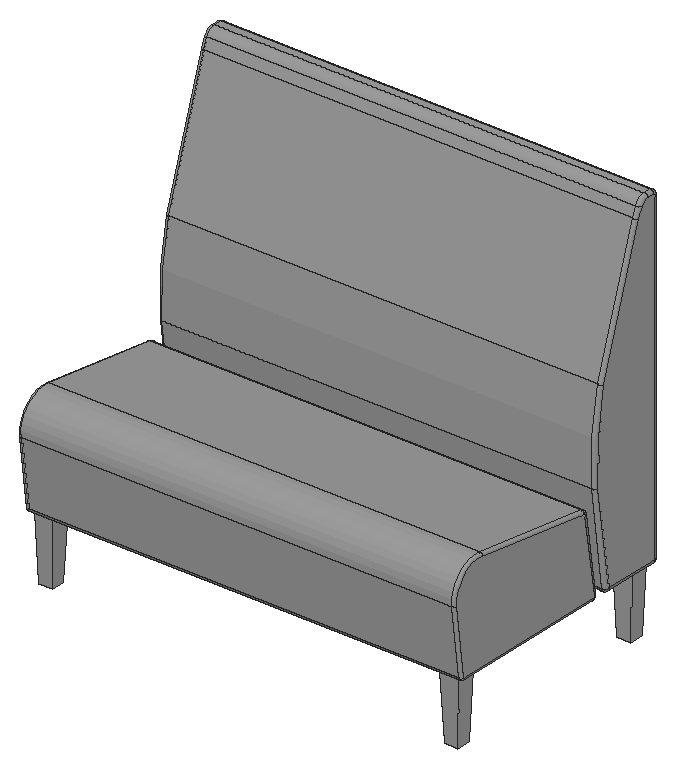
Revit family "Rise Booth_RS-4844", category Furniture, Revit 2023
Family settings
  OmniClass Number = 23.40.20.00
  OmniClass Title = General Furniture and Specialties
  Work Plane-Based = No
  Enable Cutting in Views = No
  Always vertical = Yes
  Cut with Voids When Loaded = No
  Render Appearance Source = Family Geometry
  Shared = No
  Room Calculation Point = No
Parameters
  width = 48"
  length = 28"
  height = 44"
  Wooden Legs = WOOD
  Seat Fabrics = FABRICS TYPE 2
  Metal Black = METAL
  Default Elevation = 0"
  Back fabrics = FABRICS TYPE 1
Reference planes (in)
  plane 1 "Center Front/Back": y = 4
  plane 2: z = 0
  plane 3 "Center Left/Right": x = 0
  plane 4: x = -24
  plane 5: x = 24
  plane 6: y = 14
  plane 7: y = -14
  plane 8: y = 4
  plane 9: z = 7.125
  plane 10: z = 18
  plane 11: z = 44
Forms (in)
  Extrusion 1, solid, material "FABRICS TYPE 1" <- "Back fabrics"
    sketch origin (0, 0, 0) x (0, 1, 0) y (0, 0, 1)
      loop
        arc (14, 43.407) -> (13.82631, 43.82631) -> (13.407, 44) r 0.593
        line (13.407, 44) -> (12.64383, 44)
        arc (12.64383, 44) -> (11.96225, 43.79783) -> (11.50114, 43.25671) r 1.25
        line (11.50114, 43.25671) -> (11.04467, 42.22731)
        arc (11.04467, 42.22731) -> (8.31507, 35.18876) -> (6.26443, 27.9233) r 79.61276
        arc (6.26443, 27.9233) -> (5.48148, 22.99217) -> (5.39626, 18) r 35.59298
        arc (5.39626, 18) -> (5.89804, 12.71101) -> (6.83621, 7.48175) r 64.08241
        arc (6.83621, 7.48175) -> (6.99596, 7.2252) -> (7.28109, 7.125) r 0.45576
        line (7.28109, 7.125) -> (13.5, 7.125)
        arc (13.5, 7.125) -> (13.85355, 7.27145) -> (14, 7.625) r 0.5
        line (14, 7.625) -> (14, 43.407)
    from -24 to 24
  Extrusion 2, solid, material "FABRICS TYPE 2" <- "Seat Fabrics"
    sketch origin (0, 0, 0) x (0, 1, 0) y (0, 0, 1)
      loop
        line (-12.56138, 7.125) -> (5.07115, 7.125)
        arc (5.07115, 7.125) -> (5.51314, 7.33712) -> (5.62418, 7.81463) r 0.56656
        arc (5.62418, 7.81463) -> (4.82944, 11.97739) -> (4.28857, 16.18068) r 69.86093
        arc (4.28857, 16.18068) -> (4.15185, 16.47799) -> (3.86054, 16.62707) r 0.5
        line (3.86054, 16.62707) -> (-10.07446, 18.5855)
        arc (-10.07446, 18.5855) -> (-12.88253, 17.65503) -> (-13.84567, 14.85799) r 3.33442
        line (-13.84567, 14.85799) -> (-12.88757, 7.41191)
        arc (-12.88757, 7.41191) -> (-12.77859, 7.20693) -> (-12.56138, 7.125) r 0.32888
    from -24 to 24
  Blend 3, solid, material "WOOD" <- "Wooden Legs"
    base sketch origin (-0.1875, 0.875, 0) x (1, 0, 0) y (0, 1, 0)
      loop
        line (-23.11486, -11.38619) -> (-23.11486, -13.38619) -> (-21.11486, -13.38619) -> (-21.11486, -11.38619) -> (-23.11486, -11.38619)
    top sketch origin (-0.1875, 0.875, 0) x (1, 0, 0) y (0, 1, 0)
      loop
        line (-22.88259, -11.62525) -> (-22.88259, -13.12525) -> (-21.38259, -13.12525) -> (-21.38259, -11.62525) -> (-22.88259, -11.62525)
    from 7.125 to 0
  Blend 4, solid, material "WOOD" <- "Wooden Legs"
    base sketch origin (0.1875, 0.875, 0) x (-1, 0, 0) y (0, -1, 0)
      loop
        line (-23.11486, 11.38619) -> (-21.11486, 11.38619) -> (-21.11486, 13.38619) -> (-23.11486, 13.38619) -> (-23.11486, 11.38619)
    top sketch origin (0.1875, 0.875, 0) x (-1, 0, 0) y (0, -1, 0)
      loop
        line (-22.88259, 11.62525) -> (-21.38259, 11.62525) -> (-21.38259, 13.12525) -> (-22.88259, 13.12525) -> (-22.88259, 11.62525)
    from 7.125 to 0
  Blend 5, solid, material "WOOD" <- "Wooden Legs"
    base sketch origin (-0.1875, -0.125, 0) x (1, 0, 0) y (0, 1, 0)
      loop
        line (-23.11486, 11.38619) -> (-21.11486, 11.38619) -> (-21.11486, 13.38619) -> (-23.11486, 13.38619) -> (-23.11486, 11.38619)
    top sketch origin (-0.1875, -0.125, 0) x (1, 0, 0) y (0, 1, 0)
      loop
        line (-22.88259, 11.62525) -> (-21.38259, 11.62525) -> (-21.38259, 13.12525) -> (-22.88259, 13.12525) -> (-22.88259, 11.62525)
    from 7.125 to 0
  Blend 6, solid, material "WOOD" <- "Wooden Legs"
    base sketch origin (0.1875, -0.125, 0) x (-1, 0, 0) y (0, -1, 0)
      loop
        line (-23.11486, -11.38619) -> (-23.11486, -13.38619) -> (-21.11486, -13.38619) -> (-21.11486, -11.38619) -> (-23.11486, -11.38619)
    top sketch origin (0.1875, -0.125, 0) x (-1, 0, 0) y (0, -1, 0)
      loop
        line (-22.88259, -11.62525) -> (-22.88259, -13.12525) -> (-21.38259, -13.12525) -> (-21.38259, -11.62525) -> (-22.88259, -11.62525)
    from 7.125 to 0
  Sweep 7, void
    path in 3D
      loop
        arc (-24, 14, 7.625) -> (-24, 13.85355, 7.27145) -> (-24, 13.5, 7.125) r 0.5
        line (-24, 13.5, 7.125) -> (-24, 7.28109, 7.125)
        arc (-24, 7.28109, 7.125) -> (-24, 6.99596, 7.2252) -> (-24, 6.83621, 7.48175) r 0.45576
        arc (-24, 6.83621, 7.48175) -> (-24, 5.89804, 12.71101) -> (-24, 5.39626, 18) r 64.08241
        arc (-24, 5.39626, 18) -> (-24, 5.48148, 22.99217) -> (-24, 6.26443, 27.9233) r 35.59298
        arc (-24, 6.26443, 27.9233) -> (-24, 8.31507, 35.18876) -> (-24, 11.04467, 42.22731) r 79.61276
        line (-24, 11.04467, 42.22731) -> (-24, 11.50114, 43.25671)
        arc (-24, 11.50114, 43.25671) -> (-24, 11.96225, 43.79783) -> (-24, 12.64383, 44) r 1.25
        line (-24, 12.64383, 44) -> (-24, 13.407, 44)
        arc (-24, 13.407, 44) -> (-24, 13.82631, 43.82631) -> (-24, 14, 43.407) r 0.593
        line (-24, 14, 43.407) -> (-24, 14, 7.625)
    profile origin (-24, 14, 25.516) x (-1, 0, 0) y (0, -1, 0)
      loop
        line (0, 0) -> (0, 0.40308)
        arc (0, 0.40308) -> (-0.11806, 0.11806) -> (-0.40308, 0) r 0.40308
        line (-0.40308, 0) -> (0, 0)
  Sweep 8, void
    path in 3D
      loop
        arc (24, 14, 43.407) -> (24, 13.82631, 43.82631) -> (24, 13.407, 44) r 0.593
        line (24, 13.407, 44) -> (24, 12.64383, 44)
        arc (24, 12.64383, 44) -> (24, 11.96225, 43.79783) -> (24, 11.50114, 43.25671) r 1.25
        line (24, 11.50114, 43.25671) -> (24, 11.04467, 42.22731)
        arc (24, 11.04467, 42.22731) -> (24, 8.31507, 35.18876) -> (24, 6.26443, 27.9233) r 79.61276
        arc (24, 6.26443, 27.9233) -> (24, 5.48148, 22.99217) -> (24, 5.39626, 18) r 35.59298
        arc (24, 5.39626, 18) -> (24, 5.89804, 12.71101) -> (24, 6.83621, 7.48175) r 64.08241
        arc (24, 6.83621, 7.48175) -> (24, 6.99596, 7.2252) -> (24, 7.28109, 7.125) r 0.45576
        line (24, 7.28109, 7.125) -> (24, 13.5, 7.125)
        arc (24, 13.5, 7.125) -> (24, 13.85355, 7.27145) -> (24, 14, 7.625) r 0.5
        line (24, 14, 7.625) -> (24, 14, 43.407)
    profile origin (24, 14, 25.516) x (0, -1, 0) y (1, 0, 0)
      loop
        line (0, 0) -> (0, -0.40066)
        arc (0, -0.40066) -> (0.11735, -0.11735) -> (0.40066, 0) r 0.40066
        line (0.40066, 0) -> (0, 0)
  Extrusion 9, solid, material "METAL" <- "Metal Black"
    sketch origin (0, 0, 0) x (0, 1, 0) y (0, 0, 1)
      loop
        line (5.61567, 7.85565) -> (6.75791, 7.85565)
        arc (6.75791, 7.85565) -> (6.54317, 8.9065) -> (6.34969, 9.96148) r 53.12608
        line (6.34969, 9.96148) -> (5.16771, 9.96148)
        arc (5.16771, 9.96148) -> (5.37445, 8.9049) -> (5.61567, 7.85565) r 32.88629
    from -21.30236 to 21.30236
  Sweep 10, void
    path in 3D
      loop
        arc (-24, -12.56138, 7.125) -> (-24, -12.77859, 7.20693) -> (-24, -12.88757, 7.41191) r 0.32888
        line (-24, -12.88757, 7.41191) -> (-24, -13.84567, 14.85799)
        arc (-24, -13.84567, 14.85799) -> (-24, -12.88253, 17.65503) -> (-24, -10.07446, 18.5855) r 3.33442
        line (-24, -10.07446, 18.5855) -> (-24, 3.86054, 16.62707)
        arc (-24, 3.86054, 16.62707) -> (-24, 4.15185, 16.47799) -> (-24, 4.28857, 16.18068) r 0.5
        arc (-24, 4.28857, 16.18068) -> (-24, 4.82944, 11.97739) -> (-24, 5.62418, 7.81463) r 69.86093
        arc (-24, 5.62418, 7.81463) -> (-24, 5.51314, 7.33712) -> (-24, 5.07115, 7.125) r 0.56656
        line (-24, 5.07115, 7.125) -> (-24, -12.56138, 7.125)
    profile origin (-24, -3.74511, 7.125) x (-1, 0, 0) y (0, 0, -1)
      loop
        line (0, 0) -> (-0.3049, 0)
        arc (-0.3049, 0) -> (-0.0893, -0.0893) -> (0, -0.3049) r 0.3049
        line (0, -0.3049) -> (0, 0)
  Sweep 11, void
    path in 3D
      loop
        arc (24, 5.07115, 7.125) -> (24, 5.51314, 7.33712) -> (24, 5.62418, 7.81463) r 0.56656
        arc (24, 5.62418, 7.81463) -> (24, 4.82944, 11.97739) -> (24, 4.28857, 16.18068) r 69.86093
        arc (24, 4.28857, 16.18068) -> (24, 4.15185, 16.47799) -> (24, 3.86054, 16.62707) r 0.5
        line (24, 3.86054, 16.62707) -> (24, -10.07446, 18.5855)
        arc (24, -10.07446, 18.5855) -> (24, -12.88253, 17.65503) -> (24, -13.84567, 14.85799) r 3.33442
        line (24, -13.84567, 14.85799) -> (24, -12.88757, 7.41191)
        arc (24, -12.88757, 7.41191) -> (24, -12.77859, 7.20693) -> (24, -12.56138, 7.125) r 0.32888
        line (24, -12.56138, 7.125) -> (24, 5.07115, 7.125)
    profile origin (24, -3.74511, 7.125) x (1, 0, 0) y (0, 0, -1)
      loop
        line (0, 0) -> (-0.30322, 0)
        arc (-0.30322, 0) -> (-0.08881, -0.08881) -> (0, -0.30322) r 0.30322
        line (0, -0.30322) -> (0, 0)
Cuts and joins
  Sweep 7, Sweep 8 cuts Extrusion 1
  Sweep 10, Sweep 11 cuts Extrusion 2
Lines and regions (in)
  sketch lines
    curve 1: line (-24, 14, 43.407) -> (-24, 14, 7.625)
    curve 2: arc (-24, 14, 43.407) -> (-24, 13.82631, 43.82631) -> (-24, 13.407, 44) r 0.593
    curve 3: line (-24, 12.64383, 44) -> (-24, 13.407, 44)
    curve 4: arc (-24, 12.64383, 44) -> (-24, 11.96225, 43.79783) -> (-24, 11.50114, 43.25671) r 1.25
    curve 5: line (-24, 11.04467, 42.22731) -> (-24, 11.50114, 43.25671)
    curve 6: arc (-24, 11.04467, 42.22731) -> (-24, 8.31507, 35.18876) -> (-24, 6.26443, 27.9233) r 79.61276
    curve 7: arc (-24, 6.26443, 27.9233) -> (-24, 5.48148, 22.99217) -> (-24, 5.39626, 18) r 35.59298
    curve 8: arc (-24, 5.39626, 18) -> (-24, 5.89804, 12.71101) -> (-24, 6.83621, 7.48175) r 64.08241
    curve 9: arc (-24, 6.83621, 7.48175) -> (-24, 6.99596, 7.2252) -> (-24, 7.28109, 7.125) r 0.45576
    curve 10: line (-24, 13.5, 7.125) -> (-24, 7.28109, 7.125)
    curve 11: arc (-24, 13.5, 7.125) -> (-24, 13.85355, 7.27145) -> (-24, 14, 7.625) r 0.5
    curve 12: line (24, 14, 7.625) -> (24, 14, 43.407)
    curve 13: arc (24, 13.407, 44) -> (24, 13.82631, 43.82631) -> (24, 14, 43.407) r 0.593
    curve 14: line (24, 13.407, 44) -> (24, 12.64383, 44)
    curve 15: arc (24, 11.50114, 43.25671) -> (24, 11.96225, 43.79783) -> (24, 12.64383, 44) r 1.25
    curve 16: line (24, 11.50114, 43.25671) -> (24, 11.04467, 42.22731)
    curve 17: arc (24, 6.26443, 27.9233) -> (24, 8.31507, 35.18876) -> (24, 11.04467, 42.22731) r 79.61276
    curve 18: arc (24, 5.39626, 18) -> (24, 5.48148, 22.99217) -> (24, 6.26443, 27.9233) r 35.59298
    curve 19: arc (24, 6.83621, 7.48175) -> (24, 5.89804, 12.71101) -> (24, 5.39626, 18) r 64.08241
    curve 20: arc (24, 7.28109, 7.125) -> (24, 6.99596, 7.2252) -> (24, 6.83621, 7.48175) r 0.45576
    curve 21: line (24, 7.28109, 7.125) -> (24, 13.5, 7.125)
    curve 22: arc (24, 14, 7.625) -> (24, 13.85355, 7.27145) -> (24, 13.5, 7.125) r 0.5
    curve 23: line (-24, 5.07115, 7.125) -> (-24, -12.56138, 7.125)
    curve 24: arc (-24, 5.07115, 7.125) -> (-24, 5.51314, 7.33712) -> (-24, 5.62418, 7.81463) r 0.56656
    curve 25: arc (-24, 5.62418, 7.81463) -> (-24, 4.82944, 11.97739) -> (-24, 4.28857, 16.18068) r 69.86093
    curve 26: arc (-24, 4.28857, 16.18068) -> (-24, 4.15185, 16.47799) -> (-24, 3.86054, 16.62707) r 0.5
    curve 27: line (-24, -10.07446, 18.5855) -> (-24, 3.86054, 16.62707)
    curve 28: arc (-24, -10.07446, 18.5855) -> (-24, -12.88253, 17.65503) -> (-24, -13.84567, 14.85799) r 3.33442
    curve 29: line (-24, -12.88757, 7.41191) -> (-24, -13.84567, 14.85799)
    curve 30: arc (-24, -12.88757, 7.41191) -> (-24, -12.77859, 7.20693) -> (-24, -12.56138, 7.125) r 0.32888
    curve 31: line (24, -12.56138, 7.125) -> (24, 5.07115, 7.125)
    curve 32: arc (24, -12.56138, 7.125) -> (24, -12.77859, 7.20693) -> (24, -12.88757, 7.41191) r 0.32888
    curve 33: line (24, -13.84567, 14.85799) -> (24, -12.88757, 7.41191)
    curve 34: arc (24, -13.84567, 14.85799) -> (24, -12.88253, 17.65503) -> (24, -10.07446, 18.5855) r 3.33442
    curve 35: line (24, 3.86054, 16.62707) -> (24, -10.07446, 18.5855)
    curve 36: arc (24, 3.86054, 16.62707) -> (24, 4.15185, 16.47799) -> (24, 4.28857, 16.18068) r 0.5
    curve 37: arc (24, 4.28857, 16.18068) -> (24, 4.82944, 11.97739) -> (24, 5.62418, 7.81463) r 69.86093
    curve 38: arc (24, 5.62418, 7.81463) -> (24, 5.51314, 7.33712) -> (24, 5.07115, 7.125) r 0.56656
Dimensions and locks (in)
  "width": plane 4 to plane 5
  equal spacing: plane 4, plane 3 "Center Left/Right", plane 5
  "length": plane 6 to plane 7
  plane 7 to plane 1 "Center Front/Back" = 18"
  locked: plane 6 to plane 8 at 10
  plane 6 to plane 1 "Center Front/Back" to plane 7 = 10", 18"
  "height": plane 11 to level
  aligned and locked: level to plane 2
  aligned and locked: Extrusion 1 sketch curve to plane 6
  aligned and locked: Extrusion 1 to plane 4
  aligned and locked: plane 5 to Extrusion 1
  aligned and locked: Extrusion 2 sketch curve to plane 9
  aligned and locked: Extrusion 2 to plane 4
  aligned and locked: plane 5 to Extrusion 2
  aligned and locked: Blend 3 to plane 9
  aligned and locked: Blend 3 to level
  aligned and locked: Blend 5 to Extrusion 9
  aligned and locked: Extrusion 9 to Blend 6
Automatic sketch dimensions
  Extrusion 1 sketch curve to plane 10 = 0"  (x2)
  Extrusion 1 sketch curve to plane 9 = 0"
  Extrusion 1 sketch curve to plane 11 = 0"
  Extrusion 1 sketch curve to plane 6 = 0.5"
  Extrusion 1 sketch curve to plane 6 = 0.593"
  Extrusion 1 sketch curve to Extrusion 1 sketch curve = 0.76317"
  Extrusion 1 sketch curve to plane 11 = 0.74329"
  Extrusion 1 sketch curve to Extrusion 1 sketch curve = 1.14269"
  Extrusion 1 sketch curve to Extrusion 1 sketch curve = 0.45647"
  Extrusion 1 sketch curve to plane 1 "Center Front/Back" = 3.28109"
  plane 10 to Extrusion 1 sketch curve = 1.89004"
  plane 6 to Extrusion 1 sketch curve = 26.93902"
  plane 10 to Extrusion 1 sketch curve = 3.40287"
  Extrusion 1 sketch curve to Extrusion 1 sketch curve = 28.44924"
  plane 9 to Extrusion 1 sketch curve = 2.82987"
  Extrusion 1 sketch curve to Extrusion 1 sketch curve = 14.43471"
  Extrusion 1 sketch curve to Extrusion 1 sketch curve = 0.45576"
  Extrusion 1 sketch curve to Extrusion 1 sketch curve = 1.0294"
  plane 4 to Blend 3 sketch curve = 0.69764"
  Blend 3 sketch curve to Blend 3 sketch curve = 2"  (x2)
  plane 7 to Blend 3 sketch curve = 1.48881"
  plane 4 to Blend 3 sketch curve = 0.92991"
  Blend 3 sketch curve to Blend 3 sketch curve = 1.5"  (x2)
  plane 7 to Blend 3 sketch curve = 1.74975"
  Blend 4 sketch curve to plane 5 = 0.69764"
  Blend 4 sketch curve to Blend 4 sketch curve = 2"
  plane 7 to Blend 4 sketch curve = 3.48881"
  plane 7 to Blend 4 sketch curve = 1.48881"
  Blend 4 sketch curve to plane 5 = 0.92991"
  Blend 4 sketch curve to Blend 4 sketch curve = 1.5"  (x2)
  plane 7 to Blend 4 sketch curve = 3.24975"
  plane 4 to Blend 5 sketch curve = 0.69764"
  Blend 5 sketch curve to Blend 5 sketch curve = 2"  (x2)
  Blend 5 sketch curve to plane 1 "Center Front/Back" = 7.26119"
  plane 4 to Blend 5 sketch curve = 0.92991"
  Blend 5 sketch curve to Blend 5 sketch curve = 1.5"  (x2)
  Blend 5 sketch curve to plane 1 "Center Front/Back" = 7.50025"
  Blend 6 sketch curve to plane 5 = 0.69764"
  Blend 6 sketch curve to Blend 6 sketch curve = 2"  (x2)
  Blend 6 sketch curve to plane 6 = 0.73881"
  Blend 6 sketch curve to plane 5 = 0.92991"
  Blend 6 sketch curve to Blend 6 sketch curve = 1.5"  (x2)
  Blend 6 sketch curve to plane 6 = 0.99975"
  Sweep 7 sketch curve to profile plane = 0"  (x2)
  Sweep 7 sketch curve to profile plane = 0.40308"  (x2)
  Sweep 8 sketch curve to profile plane = 0"  (x2)
  Sweep 8 sketch curve to profile plane = 0.40066"
  Sweep 8 sketch curve to Sweep 8 sketch curve = 0"
  Extrusion 9 sketch curve to plane 1 "Center Front/Back" = 1.16771"
  Extrusion 9 sketch curve to Extrusion 9 sketch curve = 1.18198"
  Extrusion 9 sketch curve to plane 10 = 2.25251"
  plane 10 to Extrusion 9 sketch curve = 1.01677"
  plane 9 to Extrusion 9 sketch curve = 2.83648"
  plane 9 to Extrusion 9 sketch curve = 0.73065"
  Extrusion 9 sketch curve to plane 1 "Center Front/Back" = 1.61567"
  Extrusion 9 sketch curve to Extrusion 9 sketch curve = 1.14223"
  plane 7 to Extrusion 2 sketch curve = 0.15433"
  plane 9 to Extrusion 2 sketch curve = 0.28691"
  plane 7 to Extrusion 2 sketch curve = 1.11243"
  Extrusion 2 sketch curve to Extrusion 2 sketch curve = 0.32619"
  Extrusion 2 sketch curve to Extrusion 2 sketch curve = 3.30716"
  plane 10 to Extrusion 2 sketch curve = 0.5855"
  Extrusion 2 sketch curve to Extrusion 2 sketch curve = 0.46406"
  plane 1 "Center Front/Back" to Extrusion 2 sketch curve = 0.20905"
  plane 1 "Center Front/Back" to Extrusion 2 sketch curve = 0.13946"
  Extrusion 2 sketch curve to plane 1 "Center Front/Back" = 1.07115"
  plane 10 to Extrusion 2 sketch curve = 4.99097"
  plane 6 to Extrusion 2 sketch curve = 59.81676"
  Extrusion 2 sketch curve to Extrusion 2 sketch curve = 0.56656"
  Extrusion 2 sketch curve to plane 10 = 3.14201"
  Extrusion 2 sketch curve to plane 10 = 1.86807"
  Extrusion 2 sketch curve to Extrusion 2 sketch curve = 0.49513"
  Extrusion 2 sketch curve to Extrusion 2 sketch curve = 0"
  Sweep 10 sketch curve to profile plane = 0"  (x2)
  profile plane to Sweep 10 sketch curve = 0.3049"  (x2)
  Sweep 11 sketch curve to profile plane = 0"
  profile plane to Sweep 11 sketch curve = 0"
  Sweep 11 sketch curve to Sweep 11 sketch curve = 0.30322"  (x2)
